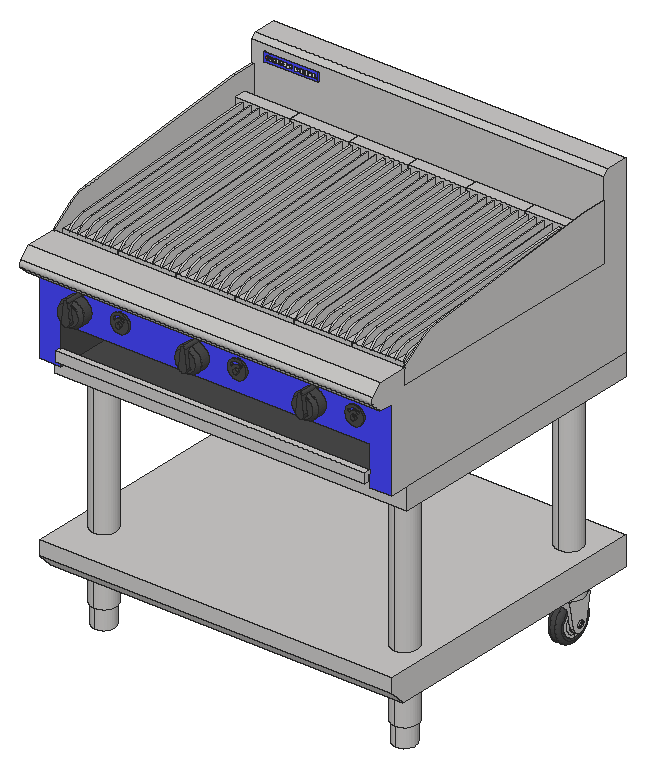
Revit family "QF_MOFFAT_BLUESEAL_CE_G596-LS", category Specialty Equipment, Revit 2012
Parameters
  Weight in Pounds = 391  # constant formula
  URL Cutsheet = "www.moffat.com"
  URL = "www.moffat.com"
  Type Mark [instance] = ""
  Status [instance] = ""
  Specification by User [instance] = ""
  Specification by Manufacturer = ""
  Show Logo [instance] = yes
  Show Casters [instance] = yes
  Serial Number = ""
  Seismic Rating = ""
  SMACNA No = ""
  Revision Code [instance] = ""
  Omniclass Number and Title = ""
  NAFEM Spec ID Number = ""
  Model = "G596-LS"
  Mechanical Remarks [instance] = ""
  Mechanical Connection Type [instance] = ""
  Masterspec = ""
  Manufacturer = "MOFFAT BLUESEAL"
  Legs [instance] = not(Show Casters)  # no
  Item Number [instance] = ""
  Installed By [instance] = ""
  Identify Quantity as Lot [instance] = yes
  Gas Size = 3/4"
  Gas RI Height [instance] = 0 mm
  Gas KW = 29.6
  Gas Input [instance] = 100000.0 Btu/h
  Gas Connection Height = 0 mm
  Furnished By [instance] = ""
  Foodservice Equipment Identifier [instance] = yes
  Description = "900MM GAS CHARGRILL ON LEG STAND"
  CSI MasterFormat = ""
  CSI Master Format = ""
  Body Finish = QF_Finishes_Stainless Steel
Reference planes
  plane 1 "BACK": y = 0
  plane 2: z = 0
  plane 3 "LEFT": x = 0
  plane 4 "RIGHT": x = 900
  plane 5 "FRONT": y = -812
  plane 6 "TOP": z = 972
  plane 7 "Center Y": x = 450
  plane 8 "Center X": y = -406
  plane 9: z = 970
  plane 10: z = 1085
  plane 11: y = -100
  plane 12: y = -625
  plane 13: x = 65.5
  plane 14: x = 834.5
Forms (mm)
  Extrusion 1, solid, material "QF_Finishes_Stainless Steel" <- "Body Finish"
    sketch origin (0, 0, 0) x (0, 1, 0) y (0, 0, 1)
      loop
        line (0, 222.5) -> (-749, 222.5) -> (-749, 186) -> (-713, 150) -> (0, 150) -> (0, 222.5)
      loop
        line (0, 640) -> (0, 1085) -> (-57.5, 1085) -> (-70, 1072.5) -> (-70, 875) -> (-705, 875) -> (-705, 915) -> (-783.97, 915) -> (-808.485, 890.485)
        arc (-808.485, 890.485) -> (-811.999, 882) -> (-808.485, 873.515) r 12
        line (-808.485, 873.515) -> (-784.97, 850) -> (-749, 850) -> (-749, 640) -> (0, 640)
      loop
        line (0, 585) -> (0, 639.206) -> (-699, 639.206) -> (-699, 585) -> (0, 585)
    from 0 to 900
  Revolve 2, solid, material "QF_Finishes_Stainless Steel" <- "Body Finish"
    sketch origin (834.5, -735, 0) x (0, 1, 0) y (0, 0, -1)
      loop
        line (78.25, -150) -> (110, -150) -> (110, 0) -> (82.5, 0) -> (82.5, -50) -> (78.25, -50) -> (78.25, -150)
      loop
        line (78.25, -222.5) -> (78.25, -585) -> (110, -585) -> (110, -222.5) -> (78.25, -222.5)
      axis (110, -585) -> (110, 0)
    angle from 0 to 360
  Revolve 3, solid, material "QF_Finishes_Stainless Steel" <- "Body Finish"
    sketch origin (834.5, -210, 0) x (0, 1, 0) y (0, 0, -1)
      loop
        line (78.25, -222.5) -> (78.25, -585) -> (110, -585) -> (110, -222.5) -> (78.25, -222.5)
      axis (110, -585) -> (110, -222.5)
    angle from 0 to 360
  Revolve 4, solid, material "QF_Finishes_Stainless Steel" <- "Body Finish"
    sketch origin (65, -735, 0) x (0, 1, 0) y (0, 0, 1)
      loop
        line (78.25, 150) -> (78.25, 50) -> (82.5, 50) -> (82.5, 0) -> (110, 0) -> (110, 150) -> (78.25, 150)
      loop
        line (78.25, 222.5) -> (110, 222.5) -> (110, 585) -> (78.25, 585) -> (78.25, 222.5)
      axis (110, 585) -> (110, 0)
    angle from 0 to 360
  Revolve 5, solid, material "QF_Finishes_Stainless Steel" <- "Body Finish"
    sketch origin (65, -210, 0) x (0, 1, 0) y (0, 0, 1)
      loop
        line (78.25, 222.5) -> (110, 222.5) -> (110, 585) -> (78.25, 585) -> (78.25, 222.5)
      axis (110, 585) -> (110, 222.5)
    angle from 0 to 360
  Extrusion 6, solid, material "QF_Finishes_Stainless Steel" <- "Body Finish"
    sketch origin (0, 0, 157.388) x (0, 1, 0) y (0, 0, 1)
      loop
        line (-70, 717) -> (-70, 860.112) -> (-127.045, 860.112) -> (-604.53, 814.135)
        arc (-604.53, 814.135) -> (-629.557, 808.415) -> (-652.303, 796.511) r 100
        line (-652.303, 796.511) -> (-705, 759.612) -> (-705, 717) -> (-70, 717)
    from 0 to 4.5
  Extrusion 7, solid, material "QF_Finishes_Stainless Steel" <- "Body Finish"
    sketch origin (900, 0, 0) x (0, -1, 0) y (0, 0, 1)
      loop
        line (70, 874.388) -> (705, 874.388) -> (705, 917) -> (652.303, 953.899)
        arc (652.303, 953.899) -> (629.557, 965.803) -> (604.53, 971.523) r 100
        line (604.53, 971.523) -> (127.045, 1017.5) -> (70, 1017.5) -> (70, 874.388)
    from 0 to 3
  Revolve 8, solid, material "QF_Finishes_Black"
    sketch origin (108, 7, 155.8) x (0, 1, 0) y (0, 0, 1)
      loop
        line (-789, 671.5) -> (-800, 665.651) -> (-800, 639) -> (-756, 639) -> (-756, 644) -> (-766, 644) -> (-766, 671.5) -> (-789, 671.5)
      axis (-800, 639) -> (-756, 639)
    angle from 0 to 360
  Extrusion 9, solid, material "QF_Finishes_Black"
    sketch origin (-30.113, 7, 155.8) x (1, 0, 0) y (0, 0, 1)
      loop
        line (148.532, 628.195) -> (143.111, 671.113)
        arc (143.111, 671.113) -> (138.113, 676) -> (133.114, 671.113) r 5
        line (133.114, 671.113) -> (127.625, 627.028)
        arc (127.625, 627.028) -> (138.697, 616.529) -> (148.532, 628.195) r 10.487
    from 759 to 808
  Extrusion 10, solid, material "QF_Finishes_Stainless Steel"
    sketch origin (276, 0, 158) x (0, 1, 0) y (0, 0, 1)
      loop
        line (-132, 752.364) -> (-132, 804.849) -> (-637.852, 774.53)
        arc (-637.852, 774.53) -> (-663.098, 767.97) -> (-684, 752.364) r 67.81
        line (-684, 752.364) -> (-132, 752.364)
    from 0 to 4.5
  Extrusion 11, solid, material "QF_Finishes_Stainless Steel"
    sketch origin (255, 0, 158) x (0, 1, 0) y (0, 0, 1)
      loop
        line (-132, 752.364) -> (-132, 804.849) -> (-637.852, 774.53)
        arc (-637.852, 774.53) -> (-663.098, 767.97) -> (-684, 752.364) r 67.81
        line (-684, 752.364) -> (-132, 752.364)
    from 0 to 4.5
  Extrusion 12, solid, material "QF_Finishes_Stainless Steel"
    sketch origin (234, 0, 158) x (0, 1, 0) y (0, 0, 1)
      loop
        line (-132, 752.364) -> (-132, 804.849) -> (-637.852, 774.53)
        arc (-637.852, 774.53) -> (-663.098, 767.97) -> (-684, 752.364) r 67.81
        line (-684, 752.364) -> (-132, 752.364)
    from 0 to 4.5
  Extrusion 13, solid, material "QF_Finishes_Stainless Steel"
    sketch origin (213, 0, 158) x (0, 1, 0) y (0, 0, 1)
      loop
        line (-132, 752.364) -> (-132, 804.849) -> (-637.852, 774.53)
        arc (-637.852, 774.53) -> (-663.098, 767.97) -> (-684, 752.364) r 67.81
        line (-684, 752.364) -> (-132, 752.364)
    from 0 to 4.5
  Extrusion 14, solid, material "QF_Finishes_Stainless Steel"
    sketch origin (192, 0, 158) x (0, 1, 0) y (0, 0, 1)
      loop
        line (-132, 752.364) -> (-132, 804.849) -> (-637.852, 774.53)
        arc (-637.852, 774.53) -> (-663.098, 767.97) -> (-684, 752.364) r 67.81
        line (-684, 752.364) -> (-132, 752.364)
    from 0 to 4.5
  Extrusion 15, solid, material "QF_Finishes_Stainless Steel"
    sketch origin (171, 0, 158) x (0, 1, 0) y (0, 0, 1)
      loop
        line (-132, 752.364) -> (-132, 804.849) -> (-637.852, 774.53)
        arc (-637.852, 774.53) -> (-663.098, 767.97) -> (-684, 752.364) r 67.81
        line (-684, 752.364) -> (-132, 752.364)
    from 0 to 4.5
  Extrusion 16, solid, material "QF_Finishes_Stainless Steel"
    sketch origin (150, 0, 158) x (0, 1, 0) y (0, 0, 1)
      loop
        line (-132, 752.364) -> (-132, 804.849) -> (-637.852, 774.53)
        arc (-637.852, 774.53) -> (-663.098, 767.97) -> (-684, 752.364) r 67.81
        line (-684, 752.364) -> (-132, 752.364)
    from 0 to 4.5
  Extrusion 17, solid, material "QF_Finishes_Stainless Steel"
    sketch origin (126, 0, 158) x (0, 1, 0) y (0, 0, 1)
      loop
        line (-132, 752.364) -> (-132, 804.849) -> (-637.852, 774.53)
        arc (-637.852, 774.53) -> (-663.098, 767.97) -> (-684, 752.364) r 67.81
        line (-684, 752.364) -> (-132, 752.364)
    from 0 to 4.5
  Extrusion 18, solid, material "QF_Finishes_Stainless Steel"
    sketch origin (105, 0, 158) x (0, 1, 0) y (0, 0, 1)
      loop
        line (-132, 752.364) -> (-132, 804.849) -> (-637.852, 774.53)
        arc (-637.852, 774.53) -> (-663.098, 767.97) -> (-684, 752.364) r 67.81
        line (-684, 752.364) -> (-132, 752.364)
    from 0 to 4.5
  Extrusion 19, solid, material "QF_Finishes_Stainless Steel"
    sketch origin (84, 0, 158) x (0, 1, 0) y (0, 0, 1)
      loop
        line (-132, 752.364) -> (-132, 804.849) -> (-637.852, 774.53)
        arc (-637.852, 774.53) -> (-663.098, 767.97) -> (-684, 752.364) r 67.81
        line (-684, 752.364) -> (-132, 752.364)
    from 0 to 4.5
  Extrusion 20, solid, material "QF_Finishes_Stainless Steel"
    sketch origin (63, 0, 158) x (0, 1, 0) y (0, 0, 1)
      loop
        line (-132, 752.364) -> (-132, 804.849) -> (-637.852, 774.53)
        arc (-637.852, 774.53) -> (-663.098, 767.97) -> (-684, 752.364) r 67.81
        line (-684, 752.364) -> (-132, 752.364)
    from 0 to 4.5
  Extrusion 21, solid, material "QF_Finishes_Stainless Steel"
    sketch origin (42, 0, 158) x (0, 1, 0) y (0, 0, 1)
      loop
        line (-132, 752.364) -> (-132, 804.849) -> (-637.852, 774.53)
        arc (-637.852, 774.53) -> (-663.098, 767.97) -> (-684, 752.364) r 67.81
        line (-684, 752.364) -> (-132, 752.364)
    from 0 to 4.5
  Extrusion 22, solid, material "QF_Finishes_Stainless Steel"
    sketch origin (21, 0, 158) x (0, 1, 0) y (0, 0, 1)
      loop
        line (-132, 752.364) -> (-132, 804.849) -> (-637.852, 774.53)
        arc (-637.852, 774.53) -> (-663.098, 767.97) -> (-684, 752.364) r 67.81
        line (-684, 752.364) -> (-132, 752.364)
    from 0 to 4.5
  Extrusion 23, solid, material "QF_Finishes_Stainless Steel"
    sketch origin (426, 0, 158) x (0, 1, 0) y (0, 0, 1)
      loop
        line (-132, 752.364) -> (-132, 804.849) -> (-637.852, 774.53)
        arc (-637.852, 774.53) -> (-663.098, 767.97) -> (-684, 752.364) r 67.81
        line (-684, 752.364) -> (-132, 752.364)
    from 0 to 4.5
  Extrusion 24, solid, material "QF_Finishes_Stainless Steel"
    sketch origin (405, 0, 158) x (0, 1, 0) y (0, 0, 1)
      loop
        line (-132, 752.364) -> (-132, 804.849) -> (-637.852, 774.53)
        arc (-637.852, 774.53) -> (-663.098, 767.97) -> (-684, 752.364) r 67.81
        line (-684, 752.364) -> (-132, 752.364)
    from 0 to 4.5
  Extrusion 25, solid, material "QF_Finishes_Stainless Steel"
    sketch origin (384, 0, 158) x (0, 1, 0) y (0, 0, 1)
      loop
        line (-132, 752.364) -> (-132, 804.849) -> (-637.852, 774.53)
        arc (-637.852, 774.53) -> (-663.098, 767.97) -> (-684, 752.364) r 67.81
        line (-684, 752.364) -> (-132, 752.364)
    from 0 to 4.5
  Extrusion 26, solid, material "QF_Finishes_Stainless Steel"
    sketch origin (363, 0, 158) x (0, 1, 0) y (0, 0, 1)
      loop
        line (-132, 752.364) -> (-132, 804.849) -> (-637.852, 774.53)
        arc (-637.852, 774.53) -> (-663.098, 767.97) -> (-684, 752.364) r 67.81
        line (-684, 752.364) -> (-132, 752.364)
    from 0 to 4.5
  Extrusion 27, solid, material "QF_Finishes_Stainless Steel"
    sketch origin (342, 0, 158) x (0, 1, 0) y (0, 0, 1)
      loop
        line (-132, 752.364) -> (-132, 804.849) -> (-637.852, 774.53)
        arc (-637.852, 774.53) -> (-663.098, 767.97) -> (-684, 752.364) r 67.81
        line (-684, 752.364) -> (-132, 752.364)
    from 0 to 4.5
  Extrusion 28, solid, material "QF_Finishes_Stainless Steel"
    sketch origin (321, 0, 158) x (0, 1, 0) y (0, 0, 1)
      loop
        line (-132, 752.364) -> (-132, 804.849) -> (-637.852, 774.53)
        arc (-637.852, 774.53) -> (-663.098, 767.97) -> (-684, 752.364) r 67.81
        line (-684, 752.364) -> (-132, 752.364)
    from 0 to 4.5
  Extrusion 29, solid, material "QF_Finishes_Stainless Steel"
    sketch origin (300, 0, 158) x (0, 1, 0) y (0, 0, 1)
      loop
        line (-132, 752.364) -> (-132, 804.849) -> (-637.852, 774.53)
        arc (-637.852, 774.53) -> (-663.098, 767.97) -> (-684, 752.364) r 67.81
        line (-684, 752.364) -> (-132, 752.364)
    from 0 to 4.5
  Extrusion 30, solid, material "QF_Finishes_Stainless Steel"
    sketch origin (576, 0, 158) x (0, 1, 0) y (0, 0, 1)
      loop
        line (-132, 752.364) -> (-132, 804.849) -> (-637.852, 774.53)
        arc (-637.852, 774.53) -> (-663.098, 767.97) -> (-684, 752.364) r 67.81
        line (-684, 752.364) -> (-132, 752.364)
    from 0 to 4.5
  Extrusion 31, solid, material "QF_Finishes_Stainless Steel"
    sketch origin (555, 0, 158) x (0, 1, 0) y (0, 0, 1)
      loop
        line (-132, 752.364) -> (-132, 804.849) -> (-637.852, 774.53)
        arc (-637.852, 774.53) -> (-663.098, 767.97) -> (-684, 752.364) r 67.81
        line (-684, 752.364) -> (-132, 752.364)
    from 0 to 4.5
  Extrusion 32, solid, material "QF_Finishes_Stainless Steel"
    sketch origin (534, 0, 158) x (0, 1, 0) y (0, 0, 1)
      loop
        line (-132, 752.364) -> (-132, 804.849) -> (-637.852, 774.53)
        arc (-637.852, 774.53) -> (-663.098, 767.97) -> (-684, 752.364) r 67.81
        line (-684, 752.364) -> (-132, 752.364)
    from 0 to 4.5
  Extrusion 33, solid, material "QF_Finishes_Stainless Steel"
    sketch origin (513, 0, 158) x (0, 1, 0) y (0, 0, 1)
      loop
        line (-132, 752.364) -> (-132, 804.849) -> (-637.852, 774.53)
        arc (-637.852, 774.53) -> (-663.098, 767.97) -> (-684, 752.364) r 67.81
        line (-684, 752.364) -> (-132, 752.364)
    from 0 to 4.5
  Extrusion 34, solid, material "QF_Finishes_Stainless Steel"
    sketch origin (492, 0, 158) x (0, 1, 0) y (0, 0, 1)
      loop
        line (-132, 752.364) -> (-132, 804.849) -> (-637.852, 774.53)
        arc (-637.852, 774.53) -> (-663.098, 767.97) -> (-684, 752.364) r 67.81
        line (-684, 752.364) -> (-132, 752.364)
    from 0 to 4.5
  Extrusion 35, solid, material "QF_Finishes_Stainless Steel"
    sketch origin (471, 0, 158) x (0, 1, 0) y (0, 0, 1)
      loop
        line (-132, 752.364) -> (-132, 804.849) -> (-637.852, 774.53)
        arc (-637.852, 774.53) -> (-663.098, 767.97) -> (-684, 752.364) r 67.81
        line (-684, 752.364) -> (-132, 752.364)
    from 0 to 4.5
  Extrusion 36, solid, material "QF_Finishes_Stainless Steel"
    sketch origin (450, 0, 158) x (0, 1, 0) y (0, 0, 1)
      loop
        line (-132, 752.364) -> (-132, 804.849) -> (-637.852, 774.53)
        arc (-637.852, 774.53) -> (-663.098, 767.97) -> (-684, 752.364) r 67.81
        line (-684, 752.364) -> (-132, 752.364)
    from 0 to 4.5
  Extrusion 37, solid, material "QF_Finishes_Stainless Steel"
    sketch origin (0, 3, 0) x (1, 0, 0) y (0, 1, 0)
      loop
        circle (216, -34) r 13.5
    from 553 to 585
  Extrusion 38, solid, material "QF_Finishes_Stainless Steel"
    sketch origin (0, 0, 158) x (0, 1, 0) y (0, 0, 1)
      loop
        line (-132, 752.364) -> (-684, 752.364) -> (-684, 717) -> (-102, 717) -> (-102, 812) -> (-132, 812) -> (-132, 752.364)
    from 4.5 to 147
  Extrusion 39, solid, material "QF_Finishes_Stainless Steel"
    sketch origin (145.5, 0, 158) x (0, 1, 0) y (0, 0, 1)
      loop
        line (-132, 752.364) -> (-684, 752.364) -> (-684, 717) -> (-102, 717) -> (-102, 812) -> (-132, 812) -> (-132, 752.364)
    from 4.5 to 151.5
  Extrusion 40, solid, material "QF_Finishes_Stainless Steel"
    sketch origin (295.5, 0, 158) x (0, 1, 0) y (0, 0, 1)
      loop
        line (-132, 752.364) -> (-684, 752.364) -> (-684, 717) -> (-102, 717) -> (-102, 812) -> (-132, 812) -> (-132, 752.364)
    from 4.5 to 151.5
  Extrusion 41, solid, material "QF_Finishes_Stainless Steel"
    sketch origin (445.5, 0, 158) x (0, 1, 0) y (0, 0, 1)
      loop
        line (-132, 752.364) -> (-684, 752.364) -> (-684, 717) -> (-102, 717) -> (-102, 812) -> (-132, 812) -> (-132, 752.364)
    from 4.5 to 151.5
  Extrusion 42, solid, material "QF_Finishes_Black"
    sketch origin (0, -749, 850) x (0, 0, -1) y (1, 0, 0)
      loop
        circle (55.799, 208) r 23.9
      loop
        arc (48.44, 216.419) -> (49.3, 221.219) -> (44.5, 222.079) r 3.448
        arc (44.5, 222.079) -> (37.915, 207.341) -> (45.718, 193.209) r 18.095
        arc (45.718, 193.209) -> (50.44, 194.491) -> (49.125, 199.204) r 3.448
        arc (49.125, 199.204) -> (45.557, 207.683) -> (48.44, 216.419) r 13.109
      loop
        circle (55.799, 808) r 23.9
      loop
        arc (44.5, 822.079) -> (37.915, 807.341) -> (45.718, 793.209) r 18.095
        arc (45.718, 793.209) -> (50.44, 794.491) -> (49.125, 799.204) r 3.448
        arc (49.125, 799.204) -> (45.557, 807.683) -> (48.44, 816.419) r 13.109
        arc (48.44, 816.419) -> (49.3, 821.219) -> (44.5, 822.079) r 3.448
      loop
        circle (55.799, 508) r 23.9
      loop
        arc (48.44, 516.419) -> (49.3, 521.219) -> (44.5, 522.079) r 3.448
        arc (44.5, 522.079) -> (37.915, 507.341) -> (45.718, 493.209) r 18.095
        arc (45.718, 493.209) -> (50.44, 494.491) -> (49.125, 499.204) r 3.448
        arc (49.125, 499.204) -> (45.557, 507.683) -> (48.44, 516.419) r 13.109
    from 0 to 4
  Extrusion 43, solid, material "QF_Finishes_Black"
    sketch origin (0, -753, 850) x (0, 0, -1) y (1, 0, 0)
      loop
        circle (59.299, 208) r 5.75
      loop
        circle (59.299, 508) r 5.75
      loop
        circle (59.299, 808) r 5.75
    from 0 to 5
  Revolve 44, solid, material "QF_Finishes_Black"
    sketch origin (408, 7, 155.8) x (0, 1, 0) y (0, 0, 1)
      loop
        line (-789, 671.5) -> (-800, 665.651) -> (-800, 639) -> (-756, 639) -> (-756, 644) -> (-766, 644) -> (-766, 671.5) -> (-789, 671.5)
      axis (-800, 639) -> (-756, 639)
    angle from 0 to 360
  Extrusion 45, solid, material "QF_Finishes_Black"
    sketch origin (269.887, 7, 155.8) x (1, 0, 0) y (0, 0, 1)
      loop
        line (148.532, 628.195) -> (143.111, 671.113)
        arc (143.111, 671.113) -> (138.113, 676) -> (133.114, 671.113) r 5
        line (133.114, 671.113) -> (127.625, 627.028)
        arc (127.625, 627.028) -> (138.697, 616.529) -> (148.532, 628.195) r 10.487
    from 759 to 808
  Extrusion 46, void
    sketch origin (0, -749, 850) x (0, 0, 1) y (1, 0, 0)
      loop
        line (-210, 845) -> (-210, 55) -> (-110, 55) -> (-110, 845) -> (-210, 845)
    from 0 to 250
  Extrusion 47, solid, material "QF_Finishes_Stainless Steel"
    sketch origin (55, -749, 150) x (0, 0, 1) y (0, -1, 0)
      loop
        line (506.797, 15.924) -> (506.797, 5.924) -> (521.797, 5.924) -> (521.797, -31.346) -> (490, -31.346) -> (490, -50) -> (531.797, -50) -> (531.797, 15.924) -> (506.797, 15.924)
    from 0 to 790
  Revolve 48, solid, material "QF_Finishes_Stainless Steel", visible <- "Legs"
    sketch origin (65.5, -166, 0) x (0, 1, 0) y (0, 0, 1)
      loop
        line (34.25, 150) -> (34.25, 50) -> (38.5, 50) -> (38.5, 0) -> (66, 0) -> (66, 150) -> (34.25, 150)
      axis (66, 150) -> (66, 0)
    angle from 0 to 360
  Revolve 49, solid, material "QF_Finishes_Stainless Steel", visible <- "Legs"
    sketch origin (834, -166, 0) x (0, 1, 0) y (0, 0, -1)
      loop
        line (34.25, -150) -> (66, -150) -> (66, 0) -> (38.5, 0) -> (38.5, -50) -> (34.25, -50) -> (34.25, -150)
      axis (66, -150) -> (66, 0)
    angle from 0 to 360
  Revolve 50, solid, material "QF_Finishes_Stainless Steel", visible <- "Show Casters"
    sketch origin (16.276, -100.755, -13.653) x (1, 0, 0) y (0, 0, 1)
      loop
        line (14.841, 63.604) -> (83.584, 63.604) -> (83.584, 67.109) -> (82.314, 68.379) -> (80.79, 68.379) -> (80.79, 71.826) -> (68.644, 71.826) -> (68.644, 81.79) -> (65.088, 83.843) -> (63.738, 92.179) -> (65.881, 92.179) -> (65.881, 98.529) -> (65.088, 98.529) -> (65.088, 104.879)
        arc (65.088, 104.879) -> (62.298, 111.614) -> (55.563, 114.404) r 9.525
        line (55.563, 114.404) -> (42.863, 114.404)
        arc (42.863, 114.404) -> (36.127, 111.614) -> (33.338, 104.879) r 9.525
        line (33.338, 104.879) -> (33.338, 98.529) -> (32.544, 98.529) -> (32.544, 92.179) -> (34.687, 92.179) -> (33.352, 83.932) -> (29.782, 81.871) -> (29.782, 71.826) -> (17.635, 71.826) -> (17.635, 68.379) -> (16.111, 68.379) -> (14.841, 67.109) -> (14.841, 63.604)
      axis (14.841, 63.604) -> (83.584, 63.604)
    angle from 0 to 360
  Extrusion 51, solid, material "QF_Finishes_Stainless Steel", visible <- "Show Casters"
    sketch origin (72.001, 132.353, -8.783) x (0, 1, 0) y (0, 0, 1)
      loop
        line (-200.603, 118.783) -> (-264.103, 118.783) -> (-251.746, 53.895)
        arc (-251.746, 53.895) -> (-232.353, 38.783) -> (-212.959, 53.895) r 20
        line (-212.959, 53.895) -> (-200.603, 118.783)
    from -35.667 to 22.923
  Revolve 52, solid, material "QF_Finishes_Stainless Steel", visible <- "Show Casters"
    sketch origin (65.5, -204, 0) x (0, 1, 0) y (0, 0, 1)
      loop
        line (68.25, 150) -> (68.25, 110) -> (104, 110) -> (104, 150) -> (68.25, 150)
      axis (104, 150) -> (104, 110)
    angle from 0 to 360
  Revolve 53, solid, material "QF_Finishes_Stainless Steel", visible <- "Legs"
    sketch origin (65.5, -166, 0) x (0, 1, 0) y (0, 0, 1)
      loop
        line (34.25, 150) -> (34.25, 50) -> (38.5, 50) -> (38.5, 0) -> (66, 0) -> (66, 150) -> (34.25, 150)
      axis (66, 150) -> (66, 0)
    angle from 0 to 360
  Revolve 54, solid, material "QF_Finishes_Stainless Steel", visible <- "Show Casters"
    sketch origin (784.776, -100.755, -13.653) x (1, 0, 0) y (0, 0, 1)
      loop
        line (14.841, 63.604) -> (83.584, 63.604) -> (83.584, 67.109) -> (82.314, 68.379) -> (80.79, 68.379) -> (80.79, 71.826) -> (68.644, 71.826) -> (68.644, 81.79) -> (65.088, 83.843) -> (63.738, 92.179) -> (65.881, 92.179) -> (65.881, 98.529) -> (65.088, 98.529) -> (65.088, 104.879)
        arc (65.088, 104.879) -> (62.298, 111.614) -> (55.563, 114.404) r 9.525
        line (55.563, 114.404) -> (42.863, 114.404)
        arc (42.863, 114.404) -> (36.127, 111.614) -> (33.338, 104.879) r 9.525
        line (33.338, 104.879) -> (33.338, 98.529) -> (32.544, 98.529) -> (32.544, 92.179) -> (34.687, 92.179) -> (33.352, 83.932) -> (29.782, 81.871) -> (29.782, 71.826) -> (17.635, 71.826) -> (17.635, 68.379) -> (16.111, 68.379) -> (14.841, 67.109) -> (14.841, 63.604)
      axis (14.841, 63.604) -> (83.584, 63.604)
    angle from 0 to 360
  Extrusion 55, solid, material "QF_Finishes_Stainless Steel", visible <- "Show Casters"
    sketch origin (840.501, 132.353, -8.783) x (0, 1, 0) y (0, 0, 1)
      loop
        line (-200.603, 118.783) -> (-264.103, 118.783) -> (-251.746, 53.895)
        arc (-251.746, 53.895) -> (-232.353, 38.783) -> (-212.959, 53.895) r 20
        line (-212.959, 53.895) -> (-200.603, 118.783)
    from -35.667 to 22.923
  Revolve 56, solid, material "QF_Finishes_Stainless Steel", visible <- "Show Casters"
    sketch origin (834, -204, 0) x (0, 1, 0) y (0, 0, 1)
      loop
        line (68.25, 150) -> (68.25, 110) -> (104, 110) -> (104, 150) -> (68.25, 150)
      axis (104, 150) -> (104, 110)
    angle from 0 to 360
  Extrusion 57, solid, material "QF_Finishes_Stainless Steel"
    sketch origin (726, 0, 158) x (0, 1, 0) y (0, 0, 1)
      loop
        line (-132, 752.364) -> (-132, 804.849) -> (-637.852, 774.53)
        arc (-637.852, 774.53) -> (-663.098, 767.97) -> (-684, 752.364) r 67.81
        line (-684, 752.364) -> (-132, 752.364)
    from 0 to 4.5
  Extrusion 58, solid, material "QF_Finishes_Stainless Steel"
    sketch origin (705, 0, 158) x (0, 1, 0) y (0, 0, 1)
      loop
        line (-132, 752.364) -> (-132, 804.849) -> (-637.852, 774.53)
        arc (-637.852, 774.53) -> (-663.098, 767.97) -> (-684, 752.364) r 67.81
        line (-684, 752.364) -> (-132, 752.364)
    from 0 to 4.5
  Extrusion 59, solid, material "QF_Finishes_Stainless Steel"
    sketch origin (684, 0, 158) x (0, 1, 0) y (0, 0, 1)
      loop
        line (-132, 752.364) -> (-132, 804.849) -> (-637.852, 774.53)
        arc (-637.852, 774.53) -> (-663.098, 767.97) -> (-684, 752.364) r 67.81
        line (-684, 752.364) -> (-132, 752.364)
    from 0 to 4.5
  Extrusion 60, solid, material "QF_Finishes_Stainless Steel"
    sketch origin (663, 0, 158) x (0, 1, 0) y (0, 0, 1)
      loop
        line (-132, 752.364) -> (-132, 804.849) -> (-637.852, 774.53)
        arc (-637.852, 774.53) -> (-663.098, 767.97) -> (-684, 752.364) r 67.81
        line (-684, 752.364) -> (-132, 752.364)
    from 0 to 4.5
  Extrusion 61, solid, material "QF_Finishes_Stainless Steel"
    sketch origin (642, 0, 158) x (0, 1, 0) y (0, 0, 1)
      loop
        line (-132, 752.364) -> (-132, 804.849) -> (-637.852, 774.53)
        arc (-637.852, 774.53) -> (-663.098, 767.97) -> (-684, 752.364) r 67.81
        line (-684, 752.364) -> (-132, 752.364)
    from 0 to 4.5
  Extrusion 62, solid, material "QF_Finishes_Stainless Steel"
    sketch origin (621, 0, 158) x (0, 1, 0) y (0, 0, 1)
      loop
        line (-132, 752.364) -> (-132, 804.849) -> (-637.852, 774.53)
        arc (-637.852, 774.53) -> (-663.098, 767.97) -> (-684, 752.364) r 67.81
        line (-684, 752.364) -> (-132, 752.364)
    from 0 to 4.5
  Extrusion 63, solid, material "QF_Finishes_Stainless Steel"
    sketch origin (600, 0, 158) x (0, 1, 0) y (0, 0, 1)
      loop
        line (-132, 752.364) -> (-132, 804.849) -> (-637.852, 774.53)
        arc (-637.852, 774.53) -> (-663.098, 767.97) -> (-684, 752.364) r 67.81
        line (-684, 752.364) -> (-132, 752.364)
    from 0 to 4.5
  Extrusion 64, solid, material "QF_Finishes_Stainless Steel"
    sketch origin (595.5, 0, 158) x (0, 1, 0) y (0, 0, 1)
      loop
        line (-132, 752.364) -> (-684, 752.364) -> (-684, 717) -> (-102, 717) -> (-102, 812) -> (-132, 812) -> (-132, 752.364)
    from 4.5 to 151.5
  Extrusion 65, solid, material "QF_Finishes_Stainless Steel"
    sketch origin (876, 0, 158) x (0, 1, 0) y (0, 0, 1)
      loop
        line (-132, 752.364) -> (-132, 804.849) -> (-637.852, 774.53)
        arc (-637.852, 774.53) -> (-663.098, 767.97) -> (-684, 752.364) r 67.81
        line (-684, 752.364) -> (-132, 752.364)
    from 0 to 4.5
  Extrusion 66, solid, material "QF_Finishes_Stainless Steel"
    sketch origin (855, 0, 158) x (0, 1, 0) y (0, 0, 1)
      loop
        line (-132, 752.364) -> (-132, 804.849) -> (-637.852, 774.53)
        arc (-637.852, 774.53) -> (-663.098, 767.97) -> (-684, 752.364) r 67.81
        line (-684, 752.364) -> (-132, 752.364)
    from 0 to 4.5
  Extrusion 67, solid, material "QF_Finishes_Stainless Steel"
    sketch origin (834, 0, 158) x (0, 1, 0) y (0, 0, 1)
      loop
        line (-132, 752.364) -> (-132, 804.849) -> (-637.852, 774.53)
        arc (-637.852, 774.53) -> (-663.098, 767.97) -> (-684, 752.364) r 67.81
        line (-684, 752.364) -> (-132, 752.364)
    from 0 to 4.5
  Extrusion 68, solid, material "QF_Finishes_Stainless Steel"
    sketch origin (813, 0, 158) x (0, 1, 0) y (0, 0, 1)
      loop
        line (-132, 752.364) -> (-132, 804.849) -> (-637.852, 774.53)
        arc (-637.852, 774.53) -> (-663.098, 767.97) -> (-684, 752.364) r 67.81
        line (-684, 752.364) -> (-132, 752.364)
    from 0 to 4.5
  Extrusion 69, solid, material "QF_Finishes_Stainless Steel"
    sketch origin (792, 0, 158) x (0, 1, 0) y (0, 0, 1)
      loop
        line (-132, 752.364) -> (-132, 804.849) -> (-637.852, 774.53)
        arc (-637.852, 774.53) -> (-663.098, 767.97) -> (-684, 752.364) r 67.81
        line (-684, 752.364) -> (-132, 752.364)
    from 0 to 4.5
  Extrusion 70, solid, material "QF_Finishes_Stainless Steel"
    sketch origin (771, 0, 158) x (0, 1, 0) y (0, 0, 1)
      loop
        line (-132, 752.364) -> (-132, 804.849) -> (-637.852, 774.53)
        arc (-637.852, 774.53) -> (-663.098, 767.97) -> (-684, 752.364) r 67.81
        line (-684, 752.364) -> (-132, 752.364)
    from 0 to 4.5
  Extrusion 71, solid, material "QF_Finishes_Stainless Steel"
    sketch origin (750, 0, 158) x (0, 1, 0) y (0, 0, 1)
      loop
        line (-132, 752.364) -> (-132, 804.849) -> (-637.852, 774.53)
        arc (-637.852, 774.53) -> (-663.098, 767.97) -> (-684, 752.364) r 67.81
        line (-684, 752.364) -> (-132, 752.364)
    from 0 to 4.5
  Extrusion 72, solid, material "QF_Finishes_Stainless Steel"
    sketch origin (745.5, 0, 158) x (0, 1, 0) y (0, 0, 1)
      loop
        line (-132, 752.364) -> (-684, 752.364) -> (-684, 717) -> (-102, 717) -> (-102, 812) -> (-132, 812) -> (-132, 752.364)
    from 4.5 to 151.5
  Extrusion 73, void
    sketch origin (0, -749, 850) x (0, 0, 1) y (1, 0, 0)
      loop
        line (-210, 845) -> (-210, 55) -> (-110, 55) -> (-110, 845) -> (-210, 845)
    from 0 to 250
  Revolve 74, solid, material "QF_Finishes_Black"
    sketch origin (708, 7, 155.8) x (0, 1, 0) y (0, 0, 1)
      loop
        line (-789, 671.5) -> (-800, 665.651) -> (-800, 639) -> (-756, 639) -> (-756, 644) -> (-766, 644) -> (-766, 671.5) -> (-789, 671.5)
      axis (-800, 639) -> (-756, 639)
    angle from 0 to 360
  Extrusion 75, solid, material "QF_Finishes_Black"
    sketch origin (569.887, 7, 155.8) x (1, 0, 0) y (0, 0, 1)
      loop
        line (148.532, 628.195) -> (143.111, 671.113)
        arc (143.111, 671.113) -> (138.113, 676) -> (133.114, 671.113) r 5
        line (133.114, 671.113) -> (127.625, 627.028)
        arc (127.625, 627.028) -> (138.697, 616.529) -> (148.532, 628.195) r 10.487
    from 759 to 808
Cuts and joins
  Extrusion 46, Extrusion 73 cuts Extrusion 47
  Extrusion 73 cuts Extrusion 1
Lines and regions (mm)
  Split face 1
    outline origin (900, 0, 1085) x (-1, 0, 0) y (0, -1, 0)
      loop
        arc (856, 18.185) -> (864.66, 23.185) -> (864.66, 33.185) r 10
        line (864.66, 33.185) -> (860.619, 40.185)
        arc (860.619, 40.185) -> (856.959, 43.845) -> (851.959, 45.185) r 10
        line (851.959, 45.185) -> (624, 45.185)
        arc (624, 45.185) -> (615.34, 40.185) -> (615.34, 30.185) r 10
        line (615.34, 30.185) -> (619.381, 23.185)
        arc (619.381, 23.185) -> (623.041, 19.525) -> (628.041, 18.185) r 10
        line (628.041, 18.185) -> (856, 18.185)
  Split face 2
    outline origin (900, 0, 1085) x (-1, 0, 0) y (0, -1, 0)
      loop
        arc (568.021, 18.185) -> (576.681, 23.185) -> (576.681, 33.185) r 10
        line (576.681, 33.185) -> (572.64, 40.185)
        arc (572.64, 40.185) -> (568.979, 43.845) -> (563.979, 45.185) r 10
        line (563.979, 45.185) -> (336.021, 45.185)
        arc (336.021, 45.185) -> (327.36, 40.185) -> (327.36, 30.185) r 10
        line (327.36, 30.185) -> (331.402, 23.185)
        arc (331.402, 23.185) -> (335.062, 19.525) -> (340.062, 18.185) r 10
        line (340.062, 18.185) -> (568.021, 18.185)
  Split face 3
    outline origin (900, 0, 1085) x (-1, 0, 0) y (0, -1, 0)
      loop
        line (52.083, 18.185) -> (280.041, 18.185)
        arc (280.041, 18.185) -> (288.702, 23.185) -> (288.702, 33.185) r 10
        line (288.702, 33.185) -> (284.66, 40.185)
        arc (284.66, 40.185) -> (281, 43.845) -> (276, 45.185) r 10
        line (276, 45.185) -> (48.041, 45.185)
        arc (48.041, 45.185) -> (39.381, 40.185) -> (39.381, 30.185) r 10
        line (39.381, 30.185) -> (43.423, 23.185)
        arc (43.423, 23.185) -> (47.083, 19.525) -> (52.083, 18.185) r 10
  symbolic lines, style "SpecialityEquipmentHiddenLines", visible <- "Show Casters"
    curve 1: line (78.456, -46.735, 0) -> (105.952, -62.61, 0)
    curve 2: line (27.656, -134.723, 0) -> (78.456, -46.735, 0)
    curve 3: line (55.152, -150.598, 0) -> (27.656, -134.723, 0)
    curve 4: line (105.952, -62.61, 0) -> (55.152, -150.598, 0)
    curve 5: line (847.956, -46.735, 0) -> (875.452, -62.61, 0)
    curve 6: line (797.156, -134.723, 0) -> (847.956, -46.735, 0)
    curve 7: line (824.652, -150.598, 0) -> (797.156, -134.723, 0)
    curve 8: line (875.452, -62.61, 0) -> (824.652, -150.598, 0)
  symbolic lines
    curve 9: line (900, 0, 0) -> (0, 0, 0)
    curve 10: line (0, -57.5, 0) -> (900, -57.5, 0)
    curve 11: line (0, -70, 0) -> (900, -70, 0)
    curve 12: line (900, -705, 0) -> (0, -705, 0)
    curve 13: line (0, -783.97, 0) -> (900, -783.97, 0)
    curve 14: line (0, -811.999, 0) -> (900, -811.999, 0)
    curve 15: line (0, 0, 0) -> (0, -811.999, 0)
    curve 16: line (900, -811.999, 0) -> (900, 0, 0)
    curve 17: line (4.5, -705, 0) -> (4.5, -70, 0)
    curve 18: line (897, -70, 0) -> (897, -705, 0)
    curve 19: line (747, -684, 0) -> (897, -684, 0)
    curve 20: line (597, -684, 0) -> (747, -684, 0)
    curve 21: line (447, -684, 0) -> (597, -684, 0)
    curve 22: line (297, -684, 0) -> (447, -684, 0)
    curve 23: line (147, -684, 0) -> (297, -684, 0)
    curve 24: line (4.5, -684, 0) -> (147, -684, 0)
    curve 25: line (147, -102, 0) -> (4.5, -102, 0)
    curve 26: line (297, -102, 0) -> (147, -102, 0)
    curve 27: line (447, -102, 0) -> (297, -102, 0)
    curve 28: line (597, -102, 0) -> (447, -102, 0)
    curve 29: line (747, -102, 0) -> (597, -102, 0)
    curve 30: line (897, -102, 0) -> (747, -102, 0)
    curve 31: line (4.5, -132, 0) -> (147, -132, 0)
    curve 32: line (147, -132, 0) -> (297, -132, 0)
    curve 33: line (297, -132, 0) -> (447, -132, 0)
    curve 34: line (447, -132, 0) -> (597, -132, 0)
    curve 35: line (597, -132, 0) -> (747, -132, 0)
    curve 36: line (747, -132, 0) -> (897, -132, 0)
    curve 37: line (147, -684, 0) -> (147, -102, 0)
    curve 38: line (150, -102, 0) -> (150, -684, 0)
    curve 39: line (297, -684, 0) -> (297, -102, 0)
    curve 40: line (300, -102, 0) -> (300, -684, 0)
    curve 41: line (447, -684, 0) -> (447, -102, 0)
    curve 42: line (450, -102, 0) -> (450, -684, 0)
    curve 43: line (597, -684, 0) -> (597, -102, 0)
    curve 44: line (600, -102, 0) -> (600, -684, 0)
    curve 45: line (747, -684, 0) -> (747, -102, 0)
    curve 46: line (750, -102, 0) -> (750, -684, 0)
    curve 47: line (21, -132, 0) -> (21, -684, 0)
    curve 48: line (42, -132, 0) -> (42, -684, 0)
    curve 49: line (63, -132, 0) -> (63, -684, 0)
    curve 50: line (84, -132, 0) -> (84, -684, 0)
    curve 51: line (105, -132, 0) -> (105, -684, 0)
    curve 52: line (126, -132, 0) -> (126, -684, 0)
    curve 53: line (154.5, -684, 0) -> (154.5, -132, 0)
    curve 54: line (175.5, -684, 0) -> (175.5, -132, 0)
    curve 55: line (196.5, -684, 0) -> (196.5, -132, 0)
    curve 56: line (217.5, -684, 0) -> (217.5, -132, 0)
    curve 57: line (238.5, -684, 0) -> (238.5, -132, 0)
    curve 58: line (259.5, -684, 0) -> (259.5, -132, 0)
    curve 59: line (280.5, -684, 0) -> (280.5, -132, 0)
    curve 60: line (304.5, -684, 0) -> (304.5, -132, 0)
    curve 61: line (325.5, -684, 0) -> (325.5, -132, 0)
    curve 62: line (346.5, -684, 0) -> (346.5, -132, 0)
    curve 63: line (367.5, -684, 0) -> (367.5, -132, 0)
    curve 64: line (388.5, -684, 0) -> (388.5, -132, 0)
    curve 65: line (409.5, -684, 0) -> (409.5, -132, 0)
    curve 66: line (430.5, -684, 0) -> (430.5, -132, 0)
    curve 67: line (454.5, -684, 0) -> (454.5, -132, 0)
    curve 68: line (475.5, -684, 0) -> (475.5, -132, 0)
    curve 69: line (496.5, -684, 0) -> (496.5, -132, 0)
    curve 70: line (517.5, -684, 0) -> (517.5, -132, 0)
    curve 71: line (538.5, -684, 0) -> (538.5, -132, 0)
    curve 72: line (559.5, -684, 0) -> (559.5, -132, 0)
    curve 73: line (580.5, -684, 0) -> (580.5, -132, 0)
    curve 74: line (604.5, -684, 0) -> (604.5, -132, 0)
    curve 75: line (625.5, -684, 0) -> (625.5, -132, 0)
    curve 76: line (646.5, -684, 0) -> (646.5, -132, 0)
    curve 77: line (667.5, -684, 0) -> (667.5, -132, 0)
    curve 78: line (688.5, -684, 0) -> (688.5, -132, 0)
    curve 79: line (709.5, -684, 0) -> (709.5, -132, 0)
    curve 80: line (730.5, -684, 0) -> (730.5, -132, 0)
    curve 81: line (754.5, -684, 0) -> (754.5, -132, 0)
    curve 82: line (775.5, -684, 0) -> (775.5, -132, 0)
    curve 83: line (796.5, -684, 0) -> (796.5, -132, 0)
    curve 84: line (817.5, -684, 0) -> (817.5, -132, 0)
    curve 85: line (838.5, -684, 0) -> (838.5, -132, 0)
    curve 86: line (859.5, -684, 0) -> (859.5, -132, 0)
    curve 87: line (880.5, -684, 0) -> (880.5, -132, 0)
    curve 88: line (331.979, -18.185, 0) -> (559.938, -18.185, 0)
    curve 89: arc (559.938, -18.185, 0) -> (564.938, -19.525, 0) -> (568.598, -23.185, 0) r 10
    curve 90: line (568.598, -23.185, 0) -> (572.64, -30.185, 0)
    curve 91: arc (572.64, -30.185, 0) -> (572.64, -40.185, 0) -> (563.979, -45.185, 0) r 10
    curve 92: line (563.979, -45.185, 0) -> (336.021, -45.185, 0)
    curve 93: arc (336.021, -45.185, 0) -> (331.021, -43.845, 0) -> (327.36, -40.185, 0) r 10
    curve 94: line (327.36, -40.185, 0) -> (323.319, -33.185, 0)
    curve 95: arc (323.319, -33.185, 0) -> (323.319, -23.185, 0) -> (331.979, -18.185, 0) r 10
    curve 96: line (847.917, -18.185, 0) -> (619.959, -18.185, 0)
    curve 97: arc (619.959, -18.185, 0) -> (611.298, -23.185, 0) -> (611.298, -33.185, 0) r 10
    curve 98: line (611.298, -33.185, 0) -> (615.34, -40.185, 0)
    curve 99: arc (615.34, -40.185, 0) -> (619, -43.845, 0) -> (624, -45.185, 0) r 10
    curve 100: line (624, -45.185, 0) -> (851.959, -45.185, 0)
    curve 101: arc (851.959, -45.185, 0) -> (860.619, -40.185, 0) -> (860.619, -30.185, 0) r 10
    curve 102: line (860.619, -30.185, 0) -> (856.577, -23.185, 0)
    curve 103: arc (856.577, -23.185, 0) -> (852.917, -19.525, 0) -> (847.917, -18.185, 0) r 10
    curve 104: line (44, -18.185, 0) -> (271.959, -18.185, 0)
    curve 105: arc (271.959, -18.185, 0) -> (276.959, -19.525, 0) -> (280.619, -23.185, 0) r 10
    curve 106: line (280.619, -23.185, 0) -> (284.66, -30.185, 0)
    curve 107: arc (284.66, -30.185, 0) -> (284.66, -40.185, 0) -> (276, -45.185, 0) r 10
    curve 108: line (276, -45.185, 0) -> (48.041, -45.185, 0)
    curve 109: arc (48.041, -45.185, 0) -> (43.041, -43.845, 0) -> (39.381, -40.185, 0) r 10
    curve 110: line (39.381, -40.185, 0) -> (35.34, -33.185, 0)
    curve 111: arc (35.34, -33.185, 0) -> (35.34, -23.185, 0) -> (44, -18.185, 0) r 10
Dimensions and locks
  equal spacing: plane 3 "LEFT", plane 7 "Center Y", plane 4 "RIGHT"
  plane 3 "LEFT" to plane 4 "RIGHT" = 900 mm
  equal spacing: plane 5 "FRONT", plane 8 "Center X", plane 1 "BACK"
  plane 5 "FRONT" to plane 1 "BACK" = 812 mm  (x2)
  equal spacing: plane 4 "RIGHT", plane 7 "Center Y", plane 3 "LEFT"
  plane 4 "RIGHT" to plane 3 "LEFT" = 900 mm
  plane 9 to level = 970 mm
  plane 10 to plane 2 = 1085 mm
  Revolve 50 sketch curve to Revolve 50 sketch curve = 50.8 mm
  Revolve 54 sketch curve to Revolve 54 sketch curve = 50.8 mm
  plane 13 to plane 14 = 769 mm
  aligned and locked: level to plane 2
Automatic sketch dimensions
  curve 13 to plane 3 "LEFT" = 0 mm
  curve 42 to plane 7 "Center Y" = 0 mm
  curve 11 to plane 4 "RIGHT" = 0 mm
  plane 1 "BACK" to curve 15 = 0 mm
  plane 11 to curve 25 = 2 mm
  plane 3 "LEFT" to curve 25 = 4.5 mm
  curve 24 to curve 47 = 16.5 mm
  curve 47 to curve 3 = 6.656 mm
  curve 47 to curve 48 = 21 mm
  curve 3 to plane 13 = 10.348 mm
  curve 49 to plane 13 = 2.5 mm
  plane 13 to curve 1 = 12.956 mm
  plane 13 to curve 50 = 18.5 mm
  curve 50 to curve 51 = 21 mm
  curve 51 to curve 52 = 21 mm
  curve 52 to curve 31 = 21 mm
  curve 37 to curve 31 = 0 mm
  curve 25 to curve 38 = 3 mm
  curve 38 to curve 53 = 4.5 mm
  curve 53 to curve 54 = 21 mm
  curve 54 to curve 55 = 21 mm
  curve 55 to curve 56 = 21 mm
  curve 56 to curve 57 = 21 mm
  curve 57 to curve 58 = 21 mm
  curve 58 to curve 59 = 21 mm
  curve 59 to curve 22 = 16.5 mm
  curve 59 to curve 33 = 16.5 mm
  curve 22 to curve 40 = 3 mm
  curve 40 to curve 60 = 4.5 mm
  curve 60 to curve 61 = 21 mm
  curve 61 to curve 62 = 21 mm
  curve 62 to curve 63 = 21 mm
  curve 63 to curve 64 = 21 mm
  curve 64 to curve 65 = 21 mm
  curve 66 to plane 7 "Center Y" = 19.5 mm
  curve 41 to plane 7 "Center Y" = 3 mm
  curve 33 to plane 7 "Center Y" = 3 mm
  curve 42 to curve 67 = 4.5 mm
  curve 67 to curve 68 = 21 mm
  curve 68 to curve 69 = 21 mm
  curve 69 to curve 70 = 21 mm
  curve 70 to curve 71 = 21 mm
  curve 71 to curve 72 = 21 mm
  curve 72 to curve 73 = 21 mm
  curve 73 to curve 21 = 16.5 mm
  curve 73 to curve 35 = 16.5 mm
  curve 28 to curve 44 = 3 mm
  curve 34 to curve 74 = 7.5 mm
  curve 74 to curve 75 = 21 mm
  curve 75 to curve 76 = 21 mm
  curve 76 to curve 77 = 21 mm
  curve 77 to curve 78 = 21 mm
  curve 78 to curve 79 = 21 mm
  curve 79 to curve 80 = 21 mm
  curve 80 to curve 45 = 16.5 mm
  curve 80 to curve 35 = 16.5 mm
  curve 29 to curve 46 = 3 mm
  curve 46 to curve 81 = 4.5 mm
  curve 81 to curve 82 = 21 mm
  curve 82 to curve 83 = 21 mm
  curve 83 to curve 6 = 0.656 mm
  plane 14 to curve 84 = 17 mm
  plane 14 to curve 8 = 9.848 mm
  curve 85 to plane 14 = 4 mm
  curve 6 to plane 14 = 13.456 mm
  curve 85 to curve 86 = 21 mm
  plane 4 "RIGHT" to curve 87 = 19.5 mm
  plane 4 "RIGHT" to curve 18 = 3 mm
  curve 67 to curve 27 = 30 mm
  curve 2 to curve 47 = 2.723 mm
  curve 6 to curve 83 = 2.723 mm
  curve 3 to curve 49 = 18.598 mm
  curve 7 to curve 84 = 18.598 mm
  plane 12 to curve 37 = 59 mm
  curve 17 to curve 24 = 21 mm
  curve 13 to plane 5 "FRONT" = 28.03 mm
  curve 14 to plane 5 "FRONT" = 0.001 mm
  plane 11 to curve 42 = 2 mm
  plane 11 to curve 40 = 2 mm
  plane 11 to curve 38 = 2 mm
  curve 17 to plane 11 = 30 mm
  curve 18 to curve 11 = 0 mm
  curve 11 to curve 10 = 12.5 mm
  Extrusion 1 sketch curve to plane 10 = 0 mm
  Extrusion 1 sketch curve to plane 1 "BACK" = 0 mm  (x3)
  Extrusion 1 sketch curve to plane 11 = 42.5 mm
  Extrusion 1 sketch curve to plane 10 = 12.5 mm
  Extrusion 1 sketch curve to Extrusion 1 sketch curve = 12.5 mm
  plane 12 to Extrusion 1 sketch curve = 74 mm
  plane 12 to Extrusion 1 sketch curve = 80 mm
  plane 12 to Extrusion 1 sketch curve = 88 mm
  Extrusion 1 sketch curve to Extrusion 1 sketch curve = 50 mm
  Extrusion 1 sketch curve to Extrusion 1 sketch curve = 36 mm
  Extrusion 1 sketch curve to plane 5 "FRONT" = 28.03 mm
  Extrusion 1 sketch curve to plane 5 "FRONT" = 27.03 mm
  Extrusion 1 sketch curve to plane 5 "FRONT" = 12.001 mm
  Extrusion 1 sketch curve to plane 5 "FRONT" = 3.515 mm  (x2)
  plane 9 to Extrusion 1 sketch curve = 55 mm
  Extrusion 1 sketch curve to Extrusion 1 sketch curve = 24.515 mm
  Extrusion 1 sketch curve to Extrusion 1 sketch curve = 8.485 mm
  plane 9 to Extrusion 1 sketch curve = 95 mm
  Extrusion 1 sketch curve to Extrusion 1 sketch curve = 23.515 mm
  Extrusion 1 sketch curve to Extrusion 1 sketch curve = 210 mm
  Extrusion 1 sketch curve to Extrusion 1 sketch curve = 0.794 mm
  Extrusion 1 sketch curve to Extrusion 1 sketch curve = 54.206 mm
  level to Extrusion 1 sketch curve = 222.5 mm
  Extrusion 1 sketch curve to Extrusion 1 sketch curve = 36.5 mm
  Extrusion 1 sketch curve to Extrusion 1 sketch curve = 72.5 mm
  Revolve 2 sketch curve to level = 0 mm
  Revolve 2 sketch curve to plane 12 = 0 mm  (x3)
  Revolve 2 sketch curve to Revolve 2 sketch curve = 27.5 mm
  Revolve 2 sketch curve to Revolve 2 sketch curve = 31.75 mm  (x2)
  level to Revolve 2 sketch curve = 50 mm
  Revolve 2 sketch curve to Revolve 2 sketch curve = 0 mm
  Revolve 2 sketch curve to Revolve 2 sketch curve = 100 mm
  Revolve 2 sketch curve to Revolve 2 sketch curve = 72.5 mm
  Revolve 2 sketch curve to Revolve 2 sketch curve = 362.5 mm
  Revolve 2 sketch curve to Revolve 2 sketch curve = 55 mm
  Revolve 3 sketch curve to plane 11 = 0 mm  (x2)
  Revolve 3 sketch curve to Revolve 3 sketch curve = 31.75 mm
  plane 9 to Revolve 3 sketch curve = 385 mm
  level to Revolve 3 sketch curve = 222.5 mm
  level to Revolve 3 sketch curve = 50 mm
  Revolve 3 sketch curve to level = 55 mm
  Revolve 4 sketch curve to level = 0 mm
  Revolve 4 sketch curve to plane 12 = 0 mm  (x3)
  Revolve 4 sketch curve to Revolve 4 sketch curve = 27.5 mm
  Revolve 4 sketch curve to Revolve 4 sketch curve = 31.75 mm  (x2)
  Revolve 4 sketch curve to Revolve 4 sketch curve = 55 mm
  level to Revolve 4 sketch curve = 50 mm
  Revolve 4 sketch curve to Revolve 4 sketch curve = 0 mm
  Revolve 4 sketch curve to Revolve 4 sketch curve = 100 mm
  Revolve 4 sketch curve to Revolve 4 sketch curve = 72.5 mm
  Revolve 4 sketch curve to Revolve 4 sketch curve = 362.5 mm
  Revolve 5 sketch curve to plane 11 = 0 mm  (x2)
  plane 11 to Revolve 5 sketch curve = 31.75 mm
  Revolve 5 sketch curve to level = 55 mm
  level to Revolve 5 sketch curve = 50 mm
  Revolve 5 sketch curve to Revolve 5 sketch curve = 172.5 mm
  Revolve 5 sketch curve to Revolve 5 sketch curve = 362.5 mm
  plane 12 to Extrusion 6 sketch curve = 80 mm
  plane 12 to Extrusion 6 sketch curve = 27.303 mm
  Extrusion 6 sketch curve to plane 6 "TOP" = 0.477 mm
  Extrusion 6 sketch curve to plane 12 = 20.47 mm
  Extrusion 6 sketch curve to plane 12 = 30.055 mm
  plane 11 to Extrusion 6 sketch curve = 27.045 mm
  Extrusion 6 sketch curve to plane 11 = 30 mm
  Extrusion 6 sketch curve to plane 6 "TOP" = 18.101 mm
  plane 9 to Extrusion 6 sketch curve = 53 mm
  plane 9 to Extrusion 6 sketch curve = 95.612 mm
  plane 6 "TOP" to Extrusion 6 sketch curve = 45.5 mm
  Extrusion 7 sketch curve to plane 11 = 30 mm
  plane 11 to Extrusion 7 sketch curve = 27.045 mm
  Extrusion 7 sketch curve to plane 12 = 30.055 mm
  Extrusion 7 sketch curve to plane 6 "TOP" = 0.477 mm
  Extrusion 7 sketch curve to plane 12 = 20.47 mm
  plane 9 to Extrusion 7 sketch curve = 16.101 mm
  plane 12 to Extrusion 7 sketch curve = 27.303 mm
  plane 12 to Extrusion 7 sketch curve = 80 mm
  Extrusion 7 sketch curve to Extrusion 7 sketch curve = 79.511 mm
  Extrusion 7 sketch curve to Extrusion 7 sketch curve = 42.612 mm
  plane 6 "TOP" to Extrusion 7 sketch curve = 45.5 mm
  Revolve 8 sketch curve to plane 5 "FRONT" = 19 mm
  Revolve 8 sketch curve to Revolve 8 sketch curve = 0 mm  (x2)
  Revolve 8 sketch curve to Revolve 8 sketch curve = 11 mm
  Revolve 8 sketch curve to Revolve 8 sketch curve = 12.7 mm
  Revolve 8 sketch curve to Revolve 8 sketch curve = 23 mm
  Revolve 8 sketch curve to Revolve 8 sketch curve = 10 mm
  plane 9 to Revolve 8 sketch curve = 175.2 mm
  Revolve 8 sketch curve to Revolve 8 sketch curve = 5 mm
  Revolve 8 sketch curve to Revolve 8 sketch curve = 26.651 mm
  Revolve 8 sketch curve to Revolve 8 sketch curve = 5.849 mm
  plane 13 to Extrusion 9 sketch curve = 32.013 mm
  plane 13 to Extrusion 9 sketch curve = 37.501 mm
  Extrusion 9 sketch curve to Extrusion 9 sketch curve = 4.999 mm  (x2)
  Extrusion 9 sketch curve to Extrusion 9 sketch curve = 10.487 mm
  Extrusion 9 sketch curve to Extrusion 9 sketch curve = 10.419 mm
  plane 9 to Extrusion 9 sketch curve = 187.2 mm
  Extrusion 9 sketch curve to Extrusion 9 sketch curve = 0.028 mm
  Extrusion 9 sketch curve to Extrusion 9 sketch curve = 44 mm
  Extrusion 9 sketch curve to Extrusion 9 sketch curve = 0.113 mm
  plane 12 to Extrusion 10 sketch curve = 59 mm
  plane 12 to Extrusion 10 sketch curve = 12.852 mm
  plane 12 to Extrusion 10 sketch curve = 8.738 mm
  plane 11 to Extrusion 10 sketch curve = 32 mm
  plane 9 to Extrusion 10 sketch curve = 105.155 mm
  plane 9 to Extrusion 10 sketch curve = 59.636 mm
  plane 9 to Extrusion 10 sketch curve = 7.151 mm
  plane 12 to Extrusion 11 sketch curve = 59 mm
  plane 12 to Extrusion 11 sketch curve = 12.852 mm
  plane 12 to Extrusion 11 sketch curve = 8.738 mm
  plane 11 to Extrusion 11 sketch curve = 32 mm
  plane 9 to Extrusion 11 sketch curve = 105.155 mm
  plane 9 to Extrusion 11 sketch curve = 59.636 mm
  plane 9 to Extrusion 11 sketch curve = 7.151 mm
  plane 12 to Extrusion 12 sketch curve = 59 mm
  plane 12 to Extrusion 12 sketch curve = 12.852 mm
  plane 12 to Extrusion 12 sketch curve = 8.738 mm
  plane 11 to Extrusion 12 sketch curve = 32 mm
  plane 9 to Extrusion 12 sketch curve = 105.155 mm
  plane 9 to Extrusion 12 sketch curve = 59.636 mm
  plane 9 to Extrusion 12 sketch curve = 7.151 mm
  plane 12 to Extrusion 13 sketch curve = 59 mm
  plane 12 to Extrusion 13 sketch curve = 12.852 mm
  plane 12 to Extrusion 13 sketch curve = 8.738 mm
  plane 11 to Extrusion 13 sketch curve = 32 mm
  plane 9 to Extrusion 13 sketch curve = 105.155 mm
  plane 9 to Extrusion 13 sketch curve = 59.636 mm
  plane 9 to Extrusion 13 sketch curve = 7.151 mm
  plane 12 to Extrusion 14 sketch curve = 59 mm
  plane 12 to Extrusion 14 sketch curve = 12.852 mm
  plane 12 to Extrusion 14 sketch curve = 8.738 mm
  plane 11 to Extrusion 14 sketch curve = 32 mm
  plane 9 to Extrusion 14 sketch curve = 105.155 mm
  plane 9 to Extrusion 14 sketch curve = 59.636 mm
  plane 9 to Extrusion 14 sketch curve = 7.151 mm
  plane 12 to Extrusion 15 sketch curve = 59 mm
  plane 12 to Extrusion 15 sketch curve = 12.852 mm
  plane 12 to Extrusion 15 sketch curve = 8.738 mm
  plane 11 to Extrusion 15 sketch curve = 32 mm
  plane 9 to Extrusion 15 sketch curve = 105.155 mm
  plane 9 to Extrusion 15 sketch curve = 59.636 mm
  plane 9 to Extrusion 15 sketch curve = 7.151 mm
  plane 12 to Extrusion 16 sketch curve = 59 mm
  plane 12 to Extrusion 16 sketch curve = 12.852 mm
  plane 12 to Extrusion 16 sketch curve = 8.738 mm
  plane 11 to Extrusion 16 sketch curve = 32 mm
  plane 9 to Extrusion 16 sketch curve = 105.155 mm
  plane 9 to Extrusion 16 sketch curve = 59.636 mm
  plane 9 to Extrusion 16 sketch curve = 7.151 mm
  plane 12 to Extrusion 17 sketch curve = 59 mm
  plane 12 to Extrusion 17 sketch curve = 12.852 mm
  plane 12 to Extrusion 17 sketch curve = 8.738 mm
  plane 11 to Extrusion 17 sketch curve = 32 mm
  plane 9 to Extrusion 17 sketch curve = 105.155 mm
  plane 9 to Extrusion 17 sketch curve = 59.636 mm
  plane 9 to Extrusion 17 sketch curve = 7.151 mm
  plane 12 to Extrusion 18 sketch curve = 59 mm
  plane 12 to Extrusion 18 sketch curve = 12.852 mm
  plane 12 to Extrusion 18 sketch curve = 8.738 mm
  plane 11 to Extrusion 18 sketch curve = 32 mm
  plane 9 to Extrusion 18 sketch curve = 105.155 mm
  plane 9 to Extrusion 18 sketch curve = 59.636 mm
  plane 9 to Extrusion 18 sketch curve = 7.151 mm
  plane 12 to Extrusion 19 sketch curve = 59 mm
  plane 12 to Extrusion 19 sketch curve = 12.852 mm
  plane 12 to Extrusion 19 sketch curve = 8.738 mm
  plane 11 to Extrusion 19 sketch curve = 32 mm
  plane 9 to Extrusion 19 sketch curve = 105.155 mm
  plane 9 to Extrusion 19 sketch curve = 59.636 mm
  plane 9 to Extrusion 19 sketch curve = 7.151 mm
  plane 12 to Extrusion 20 sketch curve = 59 mm
  plane 12 to Extrusion 20 sketch curve = 12.852 mm
  plane 12 to Extrusion 20 sketch curve = 8.738 mm
  plane 11 to Extrusion 20 sketch curve = 32 mm
  plane 9 to Extrusion 20 sketch curve = 105.155 mm
  plane 9 to Extrusion 20 sketch curve = 59.636 mm
  plane 9 to Extrusion 20 sketch curve = 7.151 mm
  plane 12 to Extrusion 21 sketch curve = 59 mm
  plane 12 to Extrusion 21 sketch curve = 12.852 mm
  plane 12 to Extrusion 21 sketch curve = 8.738 mm
  plane 11 to Extrusion 21 sketch curve = 32 mm
  plane 9 to Extrusion 21 sketch curve = 105.155 mm
  plane 9 to Extrusion 21 sketch curve = 59.636 mm
  plane 9 to Extrusion 21 sketch curve = 7.151 mm
  plane 12 to Extrusion 22 sketch curve = 59 mm
  plane 12 to Extrusion 22 sketch curve = 12.852 mm
  plane 12 to Extrusion 22 sketch curve = 8.738 mm
  plane 11 to Extrusion 22 sketch curve = 32 mm
  plane 9 to Extrusion 22 sketch curve = 105.155 mm
  plane 9 to Extrusion 22 sketch curve = 59.636 mm
  plane 9 to Extrusion 22 sketch curve = 7.151 mm
  plane 12 to Extrusion 23 sketch curve = 59 mm
  plane 12 to Extrusion 23 sketch curve = 12.852 mm
  plane 12 to Extrusion 23 sketch curve = 8.738 mm
  plane 11 to Extrusion 23 sketch curve = 32 mm
  plane 9 to Extrusion 23 sketch curve = 105.155 mm
  plane 9 to Extrusion 23 sketch curve = 59.636 mm
  plane 9 to Extrusion 23 sketch curve = 7.151 mm
  plane 12 to Extrusion 24 sketch curve = 59 mm
  plane 12 to Extrusion 24 sketch curve = 12.852 mm
  plane 12 to Extrusion 24 sketch curve = 8.738 mm
  plane 11 to Extrusion 24 sketch curve = 32 mm
  plane 9 to Extrusion 24 sketch curve = 105.155 mm
  plane 9 to Extrusion 24 sketch curve = 59.636 mm
  plane 9 to Extrusion 24 sketch curve = 7.151 mm
  plane 12 to Extrusion 25 sketch curve = 59 mm
  plane 12 to Extrusion 25 sketch curve = 12.852 mm
  plane 12 to Extrusion 25 sketch curve = 8.738 mm
  plane 11 to Extrusion 25 sketch curve = 32 mm
  plane 9 to Extrusion 25 sketch curve = 105.155 mm
  plane 9 to Extrusion 25 sketch curve = 59.636 mm
  plane 9 to Extrusion 25 sketch curve = 7.151 mm
  plane 12 to Extrusion 26 sketch curve = 59 mm
  plane 12 to Extrusion 26 sketch curve = 12.852 mm
  plane 12 to Extrusion 26 sketch curve = 8.738 mm
  plane 11 to Extrusion 26 sketch curve = 32 mm
  plane 9 to Extrusion 26 sketch curve = 105.155 mm
  plane 9 to Extrusion 26 sketch curve = 59.636 mm
  plane 9 to Extrusion 26 sketch curve = 7.151 mm
  plane 12 to Extrusion 27 sketch curve = 59 mm
  plane 12 to Extrusion 27 sketch curve = 12.852 mm
  plane 12 to Extrusion 27 sketch curve = 8.738 mm
  plane 11 to Extrusion 27 sketch curve = 32 mm
  plane 9 to Extrusion 27 sketch curve = 105.155 mm
  plane 9 to Extrusion 27 sketch curve = 59.636 mm
  plane 9 to Extrusion 27 sketch curve = 7.151 mm
  plane 12 to Extrusion 28 sketch curve = 59 mm
  plane 12 to Extrusion 28 sketch curve = 12.852 mm
  plane 12 to Extrusion 28 sketch curve = 8.738 mm
  plane 11 to Extrusion 28 sketch curve = 32 mm
  plane 9 to Extrusion 28 sketch curve = 105.155 mm
  plane 9 to Extrusion 28 sketch curve = 59.636 mm
  plane 9 to Extrusion 28 sketch curve = 7.151 mm
  plane 12 to Extrusion 29 sketch curve = 59 mm
  plane 12 to Extrusion 29 sketch curve = 12.852 mm
  plane 12 to Extrusion 29 sketch curve = 8.738 mm
  plane 11 to Extrusion 29 sketch curve = 32 mm
  plane 9 to Extrusion 29 sketch curve = 105.155 mm
  plane 9 to Extrusion 29 sketch curve = 59.636 mm
  plane 9 to Extrusion 29 sketch curve = 7.151 mm
  plane 12 to Extrusion 30 sketch curve = 59 mm
  plane 12 to Extrusion 30 sketch curve = 12.852 mm
  plane 12 to Extrusion 30 sketch curve = 8.738 mm
  plane 11 to Extrusion 30 sketch curve = 32 mm
  plane 9 to Extrusion 30 sketch curve = 105.155 mm
  plane 9 to Extrusion 30 sketch curve = 59.636 mm
  plane 9 to Extrusion 30 sketch curve = 7.151 mm
  plane 12 to Extrusion 31 sketch curve = 59 mm
  plane 12 to Extrusion 31 sketch curve = 12.852 mm
  plane 12 to Extrusion 31 sketch curve = 8.738 mm
  plane 11 to Extrusion 31 sketch curve = 32 mm
  plane 9 to Extrusion 31 sketch curve = 105.155 mm
  plane 9 to Extrusion 31 sketch curve = 59.636 mm
  plane 9 to Extrusion 31 sketch curve = 7.151 mm
  plane 12 to Extrusion 32 sketch curve = 59 mm
